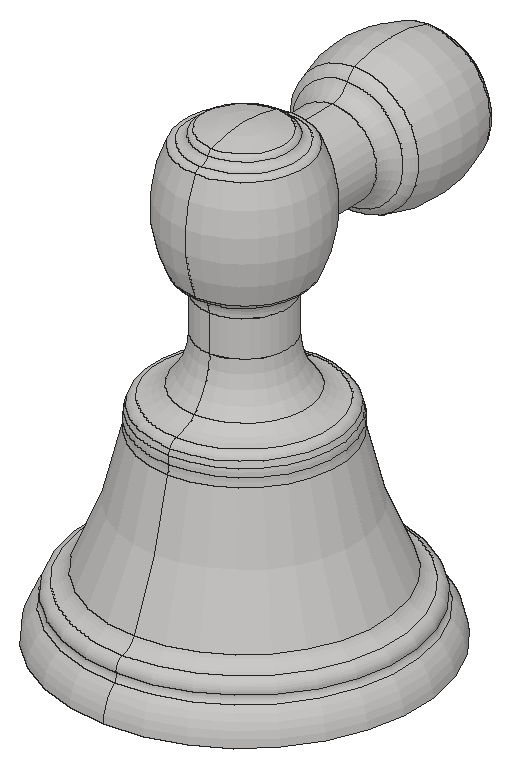
Revit family "FG73235-SUP413763_BIM", category Plumbing Fixtures, host Face, Revit 2014
Parameters (values of type "Standard")
  Width = 1 233/256"
  Vent Connection = no
  URL = "www.deltafaucet.com"
  Manufacturer = "DELTA"  # constant formula
  Faucet Material = Metal - Delta - Stainless-Steel
  Model = "FG73235-SUP413763"  # constant formula
  Height = 2 131/256"
  Description = "Faucet"  # constant formula
  Depth = 1 29/32"  # constant formula
  Default Elevation = 0"
Reference planes (in)
  plane 1 "Center (Front/Back)": y = 0
  plane 2: z = 0
  plane 3 "Center (Left/Right)": x = 0
  plane 4: z = 2.51172
  plane 5: y = 0.95312
  plane 6: y = -0.95313
  plane 7: x = -0.95508
  plane 8: x = 0.95508
Forms (in)
  Revolve 1, solid, material "Metal - Delta - Stainless-Steel" <- "Faucet Material"
    sketch origin (0, 0, 0) x (0, 1, 0) y (0, 0, 1)
      loop
        line (0, 0) -> (0, 2.51172)
        arc (0, 2.51172) -> (-0.11005, 2.50152) -> (-0.21819, 2.4787) r 0.95734
        arc (-0.21819, 2.4787) -> (-0.23425, 2.46963) -> (-0.24403, 2.454) r 0.03746
        arc (-0.24403, 2.454) -> (-0.26238, 2.43031) -> (-0.29167, 2.42397) r 0.04381
        arc (-0.29167, 2.42397) -> (-0.31437, 2.41993) -> (-0.33043, 2.40338) r 0.03755
        arc (-0.33043, 2.40338) -> (-0.39987, 2.10182) -> (-0.3269, 1.80108) r 0.67239
        arc (-0.3269, 1.80108) -> (-0.31531, 1.78618) -> (-0.299, 1.77668) r 0.04973
        arc (-0.299, 1.77668) -> (-0.25335, 1.74232) -> (-0.236, 1.68789) r 0.09407
        line (-0.236, 1.68789) -> (-0.236, 1.49014)
        arc (-0.236, 1.49014) -> (-0.26251, 1.35378) -> (-0.33816, 1.23728) r 0.364
        arc (-0.33816, 1.23728) -> (-0.39423, 1.19695) -> (-0.46087, 1.17883) r 0.19379
        arc (-0.46087, 1.17883) -> (-0.48732, 1.16795) -> (-0.50281, 1.14392) r 0.04777
        line (-0.50281, 1.14392) -> (-0.51122, 1.1134)
        arc (-0.51122, 1.1134) -> (-0.51504, 1.09272) -> (-0.51526, 1.0717) r 0.12233
        arc (-0.51526, 1.0717) -> (-0.5149, 1.04694) -> (-0.51755, 1.02232) r 0.20345
        arc (-0.51755, 1.02232) -> (-0.60524, 0.67142) -> (-0.74556, 0.33806) r 2.35818
        arc (-0.74556, 0.33806) -> (-0.77794, 0.29951) -> (-0.8238, 0.27875) r 0.11358
        arc (-0.8238, 0.27875) -> (-0.86005, 0.25419) -> (-0.86824, 0.21118) r 0.05707
        arc (-0.86824, 0.21118) -> (-0.86935, 0.18935) -> (-0.88104, 0.17088) r 0.04307
        arc (-0.88104, 0.17088) -> (-0.93536, 0.09315) -> (-0.95313, 0) r 0.2267
        line (-0.95313, 0) -> (0, 0)
      axis (0, 2.51172) -> (0, 0)
    angle from 0 to 360
  Revolve 2, solid, material "Metal - Delta - Stainless-Steel" <- "Faucet Material"
    sketch origin (0, 0, 0) x (0, 1, 0) y (0, 0, 1)
      loop
        arc (1.35028, 2.09893) -> (1.34349, 2.19937) -> (1.33019, 2.29915) r 1.55134
        arc (1.33019, 2.29915) -> (1.32168, 2.31922) -> (1.30497, 2.33323) r 0.04663
        arc (1.30497, 2.33323) -> (1.28294, 2.3547) -> (1.27751, 2.38498) r 0.05034
        arc (1.27751, 2.38498) -> (1.27076, 2.41869) -> (1.24472, 2.44113) r 0.05291
        arc (1.24472, 2.44113) -> (0.99978, 2.48991) -> (0.75369, 2.4474) r 0.68319
        arc (0.75369, 2.4474) -> (0.72385, 2.42907) -> (0.7033, 2.40072) r 0.08981
        arc (0.7033, 2.40072) -> (0.6617, 2.35291) -> (0.60088, 2.3351) r 0.11274
        line (0.60088, 2.3351) -> (0.16965, 2.3351) -> (0.16965, 2.09893) -> (1.35028, 2.09893)
      axis (0.16965, 2.09893) -> (1.35028, 2.09893)
    angle from 0 to 360
Dimensions and locks (in)
  "Height": plane 4 to plane 2
  equal spacing: plane 6, plane 1 "Center (Front/Back)", plane 5
  "Depth": plane 6 to plane 5
  equal spacing: plane 7, plane 3 "Center (Left/Right)", plane 8
  "Width": plane 7 to plane 8
  aligned and locked: plane 2 to host face
  aligned and locked: level to host face
Automatic sketch dimensions
  host sketch curve to host sketch curve = 96"  (x2)
  Revolve 1 sketch curve to level = 0"
  Revolve 1 sketch curve to plane 6 = 0"
  Revolve 1 sketch curve to plane 1 "Center (Front/Back)" = 0"  (x2)
  Revolve 1 sketch curve to plane 4 = 0"
  Revolve 1 sketch curve to plane 4 = 1.09479"
  Revolve 1 sketch curve to plane 6 = 1.88936"
  plane 6 to Revolve 1 sketch curve = 0.04272"
  plane 6 to Revolve 1 sketch curve = 0.10656"
  Revolve 1 sketch curve to Revolve 1 sketch curve = 0.09804"
  level to Revolve 1 sketch curve = 0.00503"
  plane 6 to Revolve 1 sketch curve = 0.22665"
  plane 6 to Revolve 1 sketch curve = 0.23499"
  plane 6 to Revolve 1 sketch curve = 0.35312"
  Revolve 1 sketch curve to Revolve 1 sketch curve = 0.20691"
  Revolve 1 sketch curve to Revolve 1 sketch curve = 0.00841"
  Revolve 1 sketch curve to Revolve 1 sketch curve = 0.12244"
  Revolve 1 sketch curve to Revolve 1 sketch curve = 0.04606"
  Revolve 1 sketch curve to Revolve 1 sketch curve = 0.06348"
  plane 1 "Center (Front/Back)" to Revolve 1 sketch curve = 0.33008"
  Revolve 1 sketch curve to plane 4 = 0.12496"
  plane 1 "Center (Front/Back)" to Revolve 1 sketch curve = 0.29676"
  Revolve 1 sketch curve to Revolve 1 sketch curve = 0.01101"
  Revolve 1 sketch curve to Revolve 1 sketch curve = 0.04751"
  Revolve 1 sketch curve to Revolve 1 sketch curve = 0.09407"
  Revolve 1 sketch curve to Revolve 1 sketch curve = 0.07738"
  Revolve 1 sketch curve to plane 1 "Center (Front/Back)" = 0.03317"
  Revolve 1 sketch curve to plane 1 "Center (Front/Back)" = 0.2725"
  level to Revolve 1 sketch curve = 0.20239"
  Revolve 1 sketch curve to Revolve 1 sketch curve = 0.05195"
  Revolve 1 sketch curve to Revolve 1 sketch curve = 0.1672"
  Revolve 1 sketch curve to Revolve 1 sketch curve = 0.66633"
  Revolve 1 sketch curve to Revolve 1 sketch curve = 0.02456"
  Revolve 1 sketch curve to Revolve 1 sketch curve = 0.03248"
  Revolve 1 sketch curve to Revolve 1 sketch curve = 0.01783"
  Revolve 1 sketch curve to Revolve 1 sketch curve = 0.03052"
  Revolve 1 sketch curve to Revolve 1 sketch curve = 0.22798"
  Revolve 1 sketch curve to Revolve 1 sketch curve = 0.11824"
  Revolve 1 sketch curve to Revolve 1 sketch curve = 0.06481"
  Revolve 1 sketch curve to Revolve 1 sketch curve = 0.19775"
  Revolve 1 sketch curve to Revolve 1 sketch curve = 0.13573"
  Revolve 1 sketch curve to plane 4 = 0.40596"
  Revolve 1 sketch curve to plane 4 = 0.06916"
  Revolve 1 sketch curve to plane 4 = 0.04435"
  Revolve 1 sketch curve to Revolve 1 sketch curve = 0"  (x10)
  Revolve 1 sketch curve to Revolve 1 sketch curve = 0.03367"
  Revolve 1 sketch curve to Revolve 1 sketch curve = 0.19481"
  Revolve 1 sketch curve to Revolve 1 sketch curve = 0.09654"
  plane 1 "Center (Front/Back)" to Revolve 2 sketch curve = 0.2001"
  Revolve 2 sketch curve to plane 1 "Center (Front/Back)" = 0.16965"
  Revolve 2 sketch curve to plane 4 = 0.06388"
  plane 5 to Revolve 2 sketch curve = 0.35224"
  plane 5 to Revolve 2 sketch curve = 0.16823"
  Revolve 2 sketch curve to plane 5 = 0.03794"
  Revolve 2 sketch curve to plane 4 = 0.11971"
  Revolve 2 sketch curve to plane 5 = 0.27195"
  Revolve 2 sketch curve to Revolve 2 sketch curve = 0.05912"
  Revolve 2 sketch curve to Revolve 2 sketch curve = 0.04321"
  Revolve 2 sketch curve to Revolve 2 sketch curve = 0.06609"
  Revolve 2 sketch curve to Revolve 2 sketch curve = 0.0137"
  Revolve 2 sketch curve to plane 4 = 0.14854"
  Revolve 2 sketch curve to Revolve 2 sketch curve = 0.11274"
  Revolve 2 sketch curve to Revolve 2 sketch curve = 0.08681"
  Revolve 2 sketch curve to Revolve 2 sketch curve = 0.19256"
  Revolve 2 sketch curve to Revolve 2 sketch curve = 0.05446"
  Revolve 2 sketch curve to Revolve 2 sketch curve = 0.29216"
  Revolve 2 sketch curve to Revolve 2 sketch curve = 0.08398"
  Revolve 2 sketch curve to Revolve 2 sketch curve = 0.09129"
  Revolve 2 sketch curve to Revolve 2 sketch curve = 0"  (x5)
  Revolve 2 sketch curve to Revolve 2 sketch curve = 0.23617"
